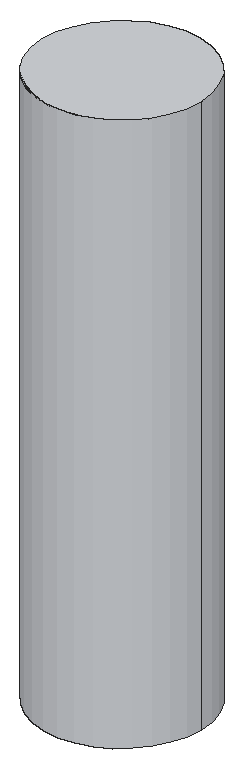
Revit family "M_灑水頭 - 直立", category Sprinklers, Revit 2017
Family settings
  Maintain Annotation Orientation = Yes
  Round Connector Dimension = Use Radius
  Part Type = Normal
  OmniClass Number = 23.65.70.17.11.24
  OmniClass Title = Fire Fighting Sprinkler Heads
  Work Plane-Based = No
  Always vertical = Yes
  Cut with Voids When Loaded = No
  Shared = No
  Room Calculation Point = No
Parameters (values of type "15 mm 直立")
  Temperature Rating = 57 °C
  符號 [instance] = M_灑水頭 - 符號 - 直立 : 灑水頭 - 符號 - 直立
  Response = Standard
  壓力降 [instance] = 48300.0 Pa
  Pressure Class = Standard
  整體長度 = 60 mm
  Orifice Size = 13 mm
  Orifice = Standard
  K-Factor = 81
  流量 [instance] = 2.0 L/s
  Coverage = Standard
  標稱直徑 = 標稱直徑半徑 * 2  # 15 mm
  標稱直徑半徑 = 7.5 mm
  CEL = 7 mm
  Assembly Code = ""
Types (8, lengths in mm): name | 符號 | 壓力降 | 整體長度 | Orifice Size | K-Factor | 流量 | 標稱直徑 | 標稱直徑半徑 | CEL
  15 mm 直立 | M_灑水頭 - 符號 - 直立 : 灑水頭 - 符號 - 直立 | 48300.0 Pa | 60 | 13 | 81 | 2.0 L/s | 15 | 7.5 | 7
  15 mm 直立支狀 | M_灑水頭 - 符號 - 直立支狀 : 灑水頭 - 符號 - 直立支狀 | 48300.0 Pa | 60 | 13 | 81 | 2.0 L/s | 15 | 7.5 | 7
  15 mm 直立支狀帶托架 | M_灑水頭 - 符號 - 直立支狀帶托架 : 灑水頭 - 符號 - 直立支狀帶托架 | 48300.0 Pa | 60 | 13 | 81 | 2.0 L/s | 15 | 7.5 | 7
  15 mm 直立帶托架 | M_灑水頭 - 符號 - 直立帶托架 : 灑水頭 - 符號 - 直立帶托架 | 48300.0 Pa | 60 | 13 | 81 | 2.0 L/s | 15 | 7.5 | 7
  20 mm 直立 | M_灑水頭 - 符號 - 直立 : 灑水頭 - 符號 - 直立 | 96500.0 Pa | 64 | 14 | 115 | 3.0 L/s | 20 | 10 | 10
  20 mm 直立支狀 | M_灑水頭 - 符號 - 直立支狀 : 灑水頭 - 符號 - 直立支狀 | 96500.0 Pa | 64 | 14 | 115 | 3.0 L/s | 20 | 10 | 10
  20 mm 直立支狀帶托架 | M_灑水頭 - 符號 - 直立支狀帶托架 : 灑水頭 - 符號 - 直立支狀帶托架 | 96500.0 Pa | 64 | 14 | 115 | 3.0 L/s | 20 | 10 | 10
  20 mm 直立帶托架 | M_灑水頭 - 符號 - 直立帶托架 : 灑水頭 - 符號 - 直立帶托架 | 96500.0 Pa | 64 | 14 | 115 | 3.0 L/s | 20 | 10 | 10
Reference planes
  plane 1 "中心 (前/後)": y = 0
  plane 2: z = 0
  plane 3 "中心 (左/右)": x = 0
  plane 4: z = 53
  plane 5: z = -7
Forms (mm)
  Extrusion 1, solid
    sketch origin (0, 0, 0) x (1, 0, 0) y (0, 1, 0)
      loop
        circle (0, 0) r 7.5
    from 0 to 53
Dimensions and locks
  "整體長度": plane 4 to plane 5
  "CEL": level to plane 5
  "標稱直徑半徑": radius of Extrusion 1 sketch curve
  aligned and locked: plane 4 to Extrusion 1
  aligned and locked: Extrusion 1 to level
Automatic sketch dimensions
  Extrusion 1 sketch curve to plane 1 "中心 (前/後)" = 0 mm
  Extrusion 1 sketch curve to plane 3 "中心 (左/右)" = 0 mm
Nested families
  nested 1: "M_灑水頭 - 符號 - 直立" at (0, 0, 0), type <- "符號", type "灑水頭 - 符號 - 直立"
Connectors
  piping at (0, 0, 0), diameter 15, driven by "標稱直徑半徑", driven by "流量", driven by "壓力降"
    settings: on Extrusion 1, index 1, connector inside diameter 15 mm, connector length 0 mm, flow factor 0, pipe flow 2.0 L/s, pressure drop 48300.0 Pa, fitting loss kfactor 0, connector angle 0.00°, fixture units 0, engagement length 0 mm, angle of deflection 0.00°, flow configuration 1, flow direction 1, fitting loss method 4, system type 23, joint type 0, gender type 0, connector reference index -1, connector utility 0, adjustable connector no, is connector primary yes, connector description "于"
Definition of nested family "M_灑水頭 - 符號 - 直立"
  Parameters
    符號半徑 = 0.5 * 符號直徑  # 1 mm
    符號直徑 = 2 mm
  Reference planes
    plane 1: y = 0
    plane 2: x = 0
  Lines and regions (mm)
    detail lines
      curve 1: circle (0, 0, 0) r 1 normal (0, 0, 1)
  Dimensions and locks
    "符號半徑": radius of curve 1
  Automatic sketch dimensions
    curve 1 to plane 1 = 0 mm
    curve 1 to plane 2 = 0 mm
